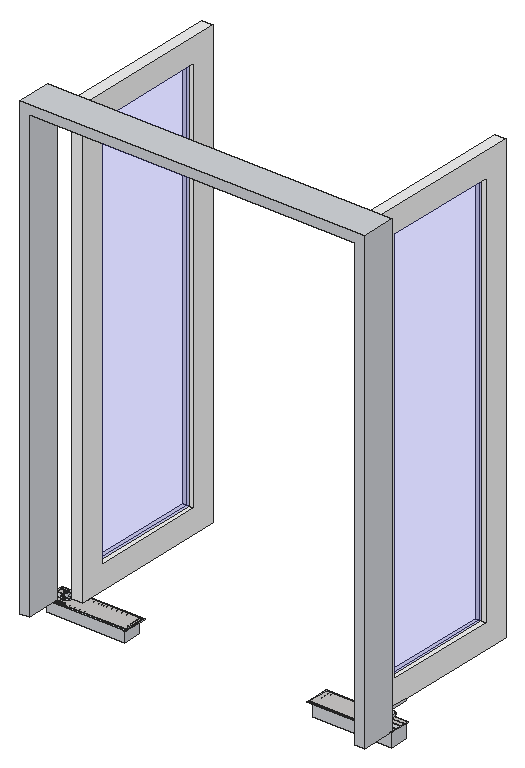
Revit family "Door closer BTS80_Single Access_Double Door", category Türen, Revit 2016 (continued)
Definition of nested family "Panel_SS_Opened"
  Automatic sketch dimensions
    Extrusion 2 sketch curve to plane 1 "Center (Front/Back)" = 78.75 mm
    plane 1 "Center (Front/Back)" to curve 11 = 0.003 mm
    Extrusion 1 sketch curve to level = 0 mm
    Extrusion 1 sketch curve to plane 4 "Top" = 0 mm
    Extrusion 1 sketch curve to plane 5 = 0 mm
  Nested families
    nested 1: "Door Strap" at (0, 0, -4.012) x (0, -1, 0) z (0, 0, 1), type "Door Strap"
  Definition of nested family "Door Strap"
    Reference planes
      plane 1 "Center (Front/Back)": y = 0
      plane 2: z = -0.988
      plane 3 "Center (Left/Right)": x = 0
    Forms (mm)
      Extrusion 1, solid
        sketch origin (0, 0, -10) x (1, 0, 0) y (0, 1, 0)
          loop
            circle (0, 0) r 9.383
          loop
            line (-4.243, -2.645) -> (4.243, -2.645)
            arc (4.243, -2.645) -> (5, 0) -> (4.243, 2.645) r 5
            line (4.243, 2.645) -> (-4.243, 2.645)
            arc (-4.243, 2.645) -> (-5, 0) -> (-4.243, -2.645) r 5
        from -0.988 to 19.012
      Extrusion 2, solid
        sketch origin (0, 0, -5) x (1, 0, 0) y (0, 1, 0)
          loop
            line (-1.468, 9.268) -> (-47.529, 1.972)
            arc (-47.529, 1.972) -> (-54.653, -1.376) -> (-58.881, -8.016) r 14.131
            line (-58.881, -8.016) -> (-66.484, -34) -> (-153.672, -34) -> (-153.672, -56.736) -> (-39.297, -56.736) -> (-39.297, -19.169)
            arc (-39.297, -19.169) -> (-38.33, -16.549) -> (-35.894, -15.185) r 4.034
            line (-35.894, -15.185) -> (1.468, -9.268)
            arc (1.468, -9.268) -> (9.268, 1.468) -> (-1.468, 9.268) r 9.383
          loop
            circle (0, 0) r 5
        from -0.988 to 9.012
    Cuts and joins
      joined: Extrusion 1, Extrusion 2
    Lines and regions (mm)
      model lines
        curve 1: line (-1.468, 9.268, -10) -> (-47.529, 1.972, -10)
        curve 2: line (1.468, -9.268, -10) -> (-35.894, -15.185, -10)
        curve 3: line (-39.297, -19.169, -10) -> (-39.297, -56.736, -10)
        curve 4: line (-58.881, -8.016, -10) -> (-66.484, -34, -10)
        curve 5: arc (-47.529, 1.972, -10) -> (-54.653, -1.376, -10) -> (-58.881, -8.016, -10) r 14.131
        curve 6: arc (-35.894, -15.185, -10) -> (-38.33, -16.549, -10) -> (-39.297, -19.169, -10) r 4.034
        curve 7: line (-66.484, -34, -10) -> (-153.672, -34, -10)
        curve 8: line (-153.672, -56.736, -10) -> (-39.297, -56.736, -10)
        curve 9: line (-153.672, -34, -10) -> (-153.672, -56.736, -10)
        curve 10: arc (1.468, -9.268, -10) -> (9.268, 1.468, -10) -> (-1.468, 9.268, -10) r 9.383
    Dimensions and locks
      equal spacing: Extrusion 2, plane 2, Extrusion 2
      equal spacing: Extrusion 1, plane 2, Extrusion 1
      Extrusion 1 to Extrusion 1 = 20 mm
      Extrusion 2 to Extrusion 2 = 10 mm
      equal spacing: cut or joined group of Extrusion 1, Extrusion 2, plane 1 "Center (Front/Back)", cut or joined group of Extrusion 1, Extrusion 2
    Automatic sketch dimensions
      plane 1 "Center (Front/Back)" to curve 9 = 56.736 mm
      curve 9 to plane 3 "Center (Left/Right)" = 153.672 mm
      plane 1 "Center (Front/Back)" to curve 7 = 34 mm
      curve 4 to plane 3 "Center (Left/Right)" = 66.484 mm
      plane 1 "Center (Front/Back)" to curve 4 = 8.016 mm
      curve 7 to curve 4 = 7.604 mm
      curve 1 to plane 1 "Center (Front/Back)" = 1.972 mm
      curve 4 to curve 1 = 11.352 mm
      curve 5 to curve 3 = 19.584 mm
      plane 1 "Center (Front/Back)" to curve 2 = 15.185 mm
      curve 3 to curve 2 = 3.403 mm
      curve 1 to plane 3 "Center (Left/Right)" = 1.468 mm
      plane 3 "Center (Left/Right)" to curve 2 = 1.468 mm
      curve 5 to curve 6 = 6.021 mm
      curve 3 to curve 6 = 4.034 mm
      plane 1 "Center (Front/Back)" to curve 2 = 9.268 mm
      Extrusion 2 sketch curve to Extrusion 2 sketch curve = 0 mm  (x2)
      plane 1 "Center (Front/Back)" to Extrusion 2 sketch curve = 56.736 mm
      Extrusion 2 sketch curve to plane 3 "Center (Left/Right)" = 153.672 mm
      plane 1 "Center (Front/Back)" to Extrusion 2 sketch curve = 34 mm
      plane 1 "Center (Front/Back)" to Extrusion 2 sketch curve = 0 mm
      Extrusion 2 sketch curve to plane 3 "Center (Left/Right)" = 0 mm
      Extrusion 2 sketch curve to plane 3 "Center (Left/Right)" = 66.484 mm
      plane 1 "Center (Front/Back)" to Extrusion 2 sketch curve = 8.016 mm
      Extrusion 2 sketch curve to Extrusion 2 sketch curve = 7.604 mm
      Extrusion 2 sketch curve to plane 1 "Center (Front/Back)" = 1.972 mm
      Extrusion 2 sketch curve to Extrusion 2 sketch curve = 11.352 mm
      Extrusion 2 sketch curve to Extrusion 2 sketch curve = 27.188 mm
      Extrusion 2 sketch curve to Extrusion 2 sketch curve = 3.403 mm
      Extrusion 2 sketch curve to plane 3 "Center (Left/Right)" = 1.468 mm
      plane 3 "Center (Left/Right)" to Extrusion 2 sketch curve = 1.468 mm
      Extrusion 2 sketch curve to Extrusion 2 sketch curve = 6.021 mm
      Extrusion 2 sketch curve to Extrusion 2 sketch curve = 4.034 mm
      Extrusion 2 sketch curve to Extrusion 2 sketch curve = 7.184 mm
      plane 1 "Center (Front/Back)" to Extrusion 2 sketch curve = 9.268 mm
      Extrusion 1 sketch curve to Extrusion 1 sketch curve = 0 mm  (x6)
      Extrusion 1 sketch curve to plane 3 "Center (Left/Right)" = 4.243 mm
      plane 1 "Center (Front/Back)" to Extrusion 1 sketch curve = 2.645 mm
      plane 1 "Center (Front/Back)" to Extrusion 1 sketch curve = 0 mm
      Extrusion 1 sketch curve to plane 3 "Center (Left/Right)" = 0 mm
      Extrusion 1 sketch curve to plane 1 "Center (Front/Back)" = 2.645 mm
      plane 3 "Center (Left/Right)" to Extrusion 1 sketch curve = 4.243 mm
      curve 1 to plane 1 "Center (Front/Back)" = 9.268 mm
      plane 1 "Center (Front/Back)" to curve 10 = 0 mm
      radius of Extrusion 2 sketch curve = 5 mm
      radius of Extrusion 1 sketch curve = 9.383 mm
